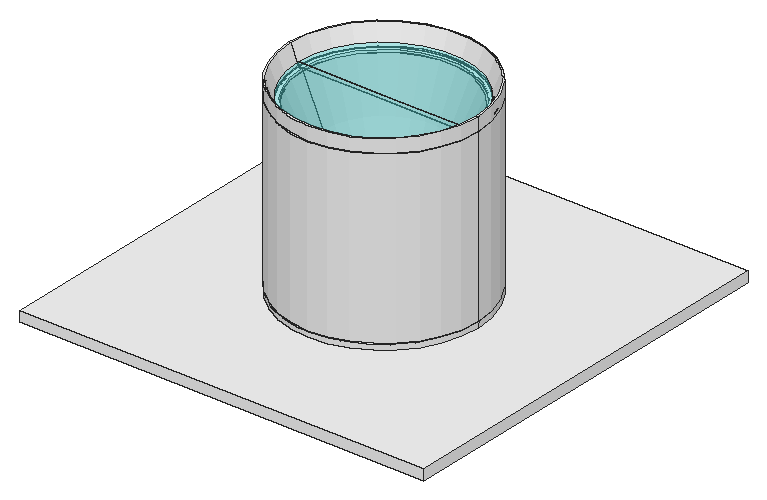
Revit family "BE_24423_de_DE", category Leuchten, Revit 2020
Family settings
  Basisbauteil = Fläche
  Bemaßung runder Anschluss = Durchmesser verwenden
  Teiletyp = Normal
  Beim Laden mit Abzugskörper schneiden = Ja
  Lichtquelle = Ja
  Gemeinsam genutzt = Nein
  Raumberechnungspunkt = Ja
Parameters (values of type "BEGA_24423_Weiß_K4")
  built-in parameter 1150104 = 13.843 (stored number, unit not read)
  Wattage = 17 W
  Default Elevation = 0 mm
  built-in parameter 1150113 = 1 (stored number, unit not read)
  built-in parameter 1114218 = 1 (stored number, unit not read)
  Umgebungstemperatur = "25 °C"
  URL = "https://www.bega.com/de/produkt/24423"
  Typenkommentare = "© 2022 BEGA. Wir behalten uns das Recht vor, technische Änderungen ohne vorherige Ankündigung vorzunehmen."  # constant formula
  Type Image = 24423.png
  built-in parameter 1150134 = 12
  built-in parameter 1150109 = 1 (stored number, unit not read)
  Strom = ""
  built-in parameter 1150110 = 1 (stored number, unit not read)
  Spannung = 239.996 V
  Sonderanfertigung = no
  Seriennummer [instance] = "Hier können Sie die eindeutige Seriennummer für das Facility Management eintragen."
  Schutzklasse = "I"
  Schutzart = "IP 65"
  Scheinlast = 0 VA
  Produktdatenblatt = "https://cdn.bega.com/bega/products/24423K3/current/documents/data-sheets/de"
  Oberflächentemperatur = ""
  Neigungswinkel = 0.00°
  Modell = "24423WK4"
  Material_17 = BEGA_Reflektor
  Material_15 = BEGA_Leuchtmedium_matt
  Material_11 = BEGA_Glas_opal
  Material_09 = BEGA_Glas_klar
  Material_06 = BEGA_Oberfläche_Edelstahl_gebürstet
  Material_03 = BEGA_Oberfläche_Weiss_matt
  Material_02 = BEGA_Oberfläche_Silber_matt
  Material_01 [instance] = BEGA_Oberfläche_Grafit_matt
  M_W = yes
  M_G = no
  M_A = no
  Logo = 0
  built-in parameter 1114217 = 1 (stored number, unit not read)
  built-in parameter 1150139 = (empty or 0)
  built-in parameter 1150105 = 201.57 (stored number, unit not read)
  built-in parameter 1150114 = 1 (stored number, unit not read)
  Lumens = 2533 lm
  built-in parameter 1150115 = 1 (stored number, unit not read)
  Leuchtenlichtstrom = "2549 lm"
  Leuchtenanzahl = ""
  Lebensdauerkriterien = "L70B50 @ 25 °C = 200000 h"
  Lastklassifizierung = Beleuchtung
  built-in parameter 1150112 = 1 (stored number, unit not read)
  Lampenlichtstrom = "3180 lm"
  Lampe = "LED 17.2 W"
  LED_Modulbezeichnung = "LED-0785/840"
  Hersteller = "BEGA"  # constant formula
  Halbstreuwinkel = ""
  Gewicht = "2.9 kg"
  Gebrauchslageneinschränkung [instance] = ""
  Frequenz = "0/50-60 Hz"
  Farbwiedergabeindex = "CRI > 80"
  Farbtemperaturverschiebung bei Dämpfen der Lampe = <Keine Auswahl>
  Farbtemperatur = "4000 K"
  Color Filter = 16777215
  built-in parameter 1150133 = 10 (stored number, unit not read)
  Energieeffizienzklasse = "LED A++ - A"
  built-in parameter 1150137 = (empty or 0)
  built-in parameter 1150132 = (empty or 0)
  ENEC = "ja"
  Dimmbar [instance] = "DALI"
  Datei für fotometrisches Netz = "BE_24423K4.IES"
  CE_Konformität = "ja"
  Bestellnummer = "24423WK4"
  Beschreibung_Sonderanfertigung = "Hier können Sie Informationen zur Sonderanfertigung eintragen."
  Beschreibung = "Deckenaufbau-Tiefstrahler"
  built-in parameter 1150106 = 2.0157 (stored number, unit not read)
  Befestigungsbohrung = "Ø 4,3 mm"
  Befestigungsabstand = "160 mm"
  Ballwurfsicher = ""
  BEGA_Intern_aus = yes
  BEGA_Intern_an = yes
  BEGA_Intern_Konstruktion = yes
  BEGA_Intern = yes
  BEGA_IES = yes
  BEGA_Dummy = no
  Anschlussleitung = ""
  Anschlussleistung [instance] = "18.8 W"
  Anschlusskasten = ""
  built-in parameter 1150107 = 4000 (stored number, unit not read)
  built-in parameter 1150102 = (empty or 0)
  built-in parameter 1150138 = (empty or 0)
  Aktualisierung = "2022-05-18T04:00:07"
  Abstand_zur_angestrahlten_Fläche [instance] = ""
  AC/DC = "AC/DC"
Types (4, lengths in mm): name | built-in parameter 1150104 | built-in parameter 1150134 | Modell | M_W | M_G | built-in parameter 1150105 | Lumens | Leuchtenlichtstrom | Lampenlichtstrom | LED_Modulbezeichnung | Farbtemperatur | Datei für fotometrisches Netz | Bestellnummer | built-in parameter 1150106 | built-in parameter 1150107
  BEGA_24423_Grafit_K3 | 13.471 (stored number, unit not read) | (empty or 0) | "24423K3" | no | yes | 196.16 (stored number, unit not read) | 2465 lm | "2485 lm" | "3100 lm" | "LED-0785/830" | "3000 K" | "BE_24423K3.IES" | "24423K3" | 1.9616 (stored number, unit not read) | 3000 (stored number, unit not read)
  BEGA_24423_Weiß_K4 | 13.843 (stored number, unit not read) | 12 | "24423WK4" | yes | no | 201.57 (stored number, unit not read) | 2533 lm | "2549 lm" | "3180 lm" | "LED-0785/840" | "4000 K" | "BE_24423K4.IES" | "24423WK4" | 2.0157 (stored number, unit not read) | 4000 (stored number, unit not read)
  BEGA_24423_Grafit_K4 | 13.843 (stored number, unit not read) | 12 | "24423K4" | no | yes | 201.57 (stored number, unit not read) | 2533 lm | "2549 lm" | "3180 lm" | "LED-0785/840" | "4000 K" | "BE_24423K4.IES" | "24423K4" | 2.0157 (stored number, unit not read) | 4000 (stored number, unit not read)
  BEGA_24423_Weiß_K3 | 13.471 (stored number, unit not read) | (empty or 0) | "24423WK3" | yes | no | 196.16 (stored number, unit not read) | 2465 lm | "2485 lm" | "3100 lm" | "LED-0785/830" | "3000 K" | "BE_24423K3.IES" | "24423WK3" | 1.9616 (stored number, unit not read) | 3000 (stored number, unit not read)
Reference planes
  plane 1 "Mitte (Vorne/Hinten)": y = 0
  plane 2: z = 0
  plane 3 "Mitte (Links/Rechts)": x = 0
  plane 4 "Links": x = -93.5
  plane 5 "Rechts": x = 93.5
  plane 6 "Unten": y = -93.5
  plane 7 "Oben": y = 93.5
  plane 8 "Vorne": z = 187.4
  plane 9 "Hinten": z = 0
Forms (mm)
  Extrusion 1, solid, material "BEGA_Platte_Weiss"
    sketch origin (0, -1119.2, 0) x (1, 0, 0) y (0, 1, 0)
      loop
        line (-200, 1319.2) -> (-200, 919.2) -> (200, 919.2) -> (200, 1319.2) -> (-200, 1319.2)
    from 0 to -10
  Extrusion 2, solid, material "BEGA_Dummy_matt", visible <- "BEGA_Dummy"
    sketch origin (77.149, -76.023, 0) x (1, 0, 0) y (0, 1, 0)
      loop
        circle (-77.149, 76.023) r 93.5
    from 0 to 187.4
Dimensions and locks
  plane 1 "Mitte (Vorne/Hinten)" to Extrusion 1 = 200 mm
  aligned and locked: plane 2 to Extrusion 1
  aligned and locked: level to Extrusion 1
Nested families
  nested 1: "BE_24423" at (0, 0, 0), type "BE_24423"
Connectors
  electrical at (0, 0, 0), driven by "Lastklassifizierung", driven by "Spannung", driven by "Scheinlast"
    settings: index 1, voltage 239.996 V, apparent load 0 VA, apparent load phase1 0 VA, apparent load phase2 0 VA, apparent load phase3 0 VA, power factor 1, load classification "Beleuchtung", number of poles 1, system type 31, power factor state 1, is connector primary yes, connector utility no, sub classification motor no, connector description ""
Definition of nested family "BE_24423"
  Parameters (values of type "BE_24423")
    Default Elevation = 1 mm
    URL = "http://www.bega.de/de/produkt"
    Type Comments = "© 2015 BEGA. Wir behalten uns das Recht vor, technische Änderungen ohne vorherige Ankündigung vorzunehmen. "  # constant formula
    Type Image = (empty or 0)
    Neigungswinkel_um_Z2 = 0.00°
    Neigungswinkel_um_Z1 = 0.00°
    Neigungswinkel_um_Y2 = 0.00°
    Neigungswinkel_um_Y1 = 0.00°
    Neigungswinkel_um_X2 = 0.00°
    Neigungswinkel_um_X1 = 0.00°
    Material_17 = none
    Material_15 = none
    Material_11 = none
    Material_09 = none
    Material_06 = none
    Material_03 = none
    Material_02 = none
    Material_01 = none
    M_W = yes
    M_G = yes
    M_A = yes
    Länge_Platte = 200 mm  # constant formula
    Höhe_Platte = -10 mm  # constant formula
    Manufacturer = "BEGA"  # constant formula
    Drehwinkel_um_Z2 = 0.00°
    Drehwinkel_um_Z1 = 0.00°
    Breite_Platte = 200 mm  # constant formula
  Reference planes
    plane 1 "Mitte (Oben/Unten)": y = 0
    plane 2: z = 0
    plane 3 "Mitte (Links/Rechts)": x = 0
    plane 4 "Hinten": z = -40
    plane 5: z = 187.4
    plane 6: x = -93.5
    plane 7: x = 93.5
    plane 8: y = 93.5
    plane 9: y = -93.5
  Forms (mm)
    Extrusion 1, solid, detail levels medium
      sketch origin (0, 0, 0) x (1, 0, 0) y (0, 1, 0)
        loop
          line (-100, 100) -> (-100, -100) -> (100, -100) -> (100, 100) -> (-100, 100)
      from 0 to -10 <- "Höhe_Platte"
    Revolve 2, solid, material <- "Material_09"
      sketch origin (0, 0, 0) x (1, 0, 0) y (0, 0, 1)
        loop
          line (-84.5, 173) -> (-84.5, 168.9) -> (0, 168.9) -> (0, 173) -> (-84.5, 173)
        axis (0, 168.9) -> (0, 173)
      angle from 0 to 360
    Revolve 3, solid, material <- "Material_17"
      sketch origin (0, 0, 0) x (1, 0, 0) y (0, 0, 1)
        loop
          line (-85, 164.6) -> (-81.237, 164.6)
          arc (-81.237, 164.6) -> (-61.141, 119.72) -> (-36.386, 77.232) r 461.8
          arc (-36.386, 77.232) -> (-35.852, 76.767) -> (-35.163, 76.6) r 1.5
          line (-35.163, 76.6) -> (-32, 76.6) -> (-32, 77.9)
          arc (-32, 77.9) -> (-32.146, 78.254) -> (-32.5, 78.4) r 0.5
          line (-32.5, 78.4) -> (-34.992, 78.4)
          arc (-34.992, 78.4) -> (-59.857, 121.192) -> (-79.999, 166.4) r 461.8
          line (-79.999, 166.4) -> (-84.937, 166.4) -> (-85, 164.6)
        axis (0, 166.4) -> (0, 76.6)
      angle from 0 to 360
    Revolve 4, solid, material <- "Material_01", visible <- "M_G"
      sketch origin (0, 0, 0) x (1, 0, 0) y (0, 0, 1)
        loop
          line (-93.5, 174.417) -> (-91.384, 174.194) -> (-89.5, 170.668) -> (-90.5, 170.091) -> (-90.5, 161.55) -> (-88.578, 160.9) -> (-87.309, 160.9) -> (-84.937, 166.4) -> (-81.087, 166.4) -> (-81.017, 168.4) -> (-84.965, 168.4) -> (-85, 169.4) -> (-92, 187.4) -> (-93.5, 187.4) -> (-93.5, 174.417)
        axis (0, 187.4) -> (0, 160.9)
      angle from 0 to 360
    Revolve 5, solid, material <- "Material_01", visible <- "M_G"
      sketch origin (0, 0, 0) x (1, 0, 0) y (0, 0, 1)
        loop
          line (-93.5, 173.4) -> (-93.5, 6) -> (-92.592, 6) -> (-91.5, 9) -> (-91.5, 25) -> (-83.5, 25) -> (-81.974, 68.7) -> (0, 68.7) -> (0, 73.7) -> (-80.682, 73.7) -> (-83.5, 154.398) -> (-91.5, 154.398) -> (-91.5, 170.4) -> (-92.592, 173.4) -> (-93.5, 173.4)
        axis (0, 173.4) -> (0, 6)
      angle from 0 to 360
    Revolve 6, solid, material <- "Material_01", visible <- "M_G"
      sketch origin (0, 0, 0) x (1, 0, 0) y (0, 0, 1)
        loop
          line (-83.843, 23) -> (-90.5, 23) -> (-90.5, 5.299) -> (-93.5, 4.983) -> (-93.5, 0) -> (-87.198, 0) -> (-86.5, 20) -> (-80, 20) -> (0, 20) -> (0, 23) -> (-83.843, 23)
        axis (0, 23) -> (0, 0)
      angle from 0 to 360
    Revolve 7, solid, material <- "Material_15"
      sketch origin (0, 0, 0) x (1, 0, 0) y (0, 0, 1)
        loop
          line (-25, 73.7) -> (0, 73.7) -> (0, 75.25) -> (-25, 75.25) -> (-25, 73.7)
        axis (0, 73.7) -> (0, 75.25)
      angle from 0 to 360
    Extrusion 8, solid, material <- "Material_01", visible <- "M_G"
      sketch origin (0, 0, 0) x (1, 0, 0) y (0, 1, 0)
        loop
          circle (0, -80) r 6.414
        loop
          circle (0, 80) r 6.414
        loop
          circle (0, 80) r 2.233
        loop
          circle (0, -80) r 2.233
      from 0 to 23
    Revolve 9, solid, material <- "Material_03", visible <- "M_W"
      sketch origin (0, 0, 0) x (1, 0, 0) y (0, 0, 1)
        loop
          line (-93.5, 174.417) -> (-91.384, 174.194) -> (-89.5, 170.668) -> (-90.5, 170.091) -> (-90.5, 161.55) -> (-88.578, 160.9) -> (-87.309, 160.9) -> (-84.937, 166.4) -> (-81.087, 166.4) -> (-81.017, 168.4) -> (-84.965, 168.4) -> (-85, 169.4) -> (-92, 187.4) -> (-93.5, 187.4) -> (-93.5, 174.417)
        axis (0, 187.4) -> (0, 160.9)
      angle from 0 to 360
    Revolve 10, solid, material <- "Material_03", visible <- "M_W"
      sketch origin (0, 0, 0) x (1, 0, 0) y (0, 0, 1)
        loop
          line (-93.5, 173.4) -> (-93.5, 6) -> (-92.592, 6) -> (-91.5, 9) -> (-91.5, 25) -> (-83.5, 25) -> (-81.974, 68.7) -> (0, 68.7) -> (0, 73.7) -> (-80.682, 73.7) -> (-83.5, 154.398) -> (-91.5, 154.398) -> (-91.5, 170.4) -> (-92.592, 173.4) -> (-93.5, 173.4)
        axis (0, 173.4) -> (0, 6)
      angle from 0 to 360
    Revolve 11, solid, material <- "Material_03", visible <- "M_W"
      sketch origin (0, 0, 0) x (1, 0, 0) y (0, 0, 1)
        loop
          line (-83.843, 23) -> (-90.5, 23) -> (-90.5, 5.299) -> (-93.5, 4.983) -> (-93.5, 0) -> (-87.198, 0) -> (-86.5, 20) -> (-80, 20) -> (0, 20) -> (0, 23) -> (-83.843, 23)
        axis (0, 23) -> (0, 0)
      angle from 0 to 360
    Extrusion 12, solid, material <- "Material_03", visible <- "M_W"
      sketch origin (0, 0, 0) x (1, 0, 0) y (0, 1, 0)
        loop
          circle (0, -80) r 6.414
        loop
          circle (0, 80) r 6.414
        loop
          circle (0, 80) r 2.233
        loop
          circle (0, -80) r 2.233
      from 0 to 23
    Extrusion 13, void
      sketch origin (0, 0, 0) x (1, 0, 0) y (0, 1, 0)
        loop
          circle (-65, -20) r 7.197
        loop
          circle (-65, 20) r 7.197
      from 0 to 28.487
  Cuts and joins
    Extrusion 13 cuts Revolve 6
    Extrusion 13 cuts Extrusion 8
    joined: Revolve 6, Extrusion 8
    Extrusion 13 cuts Revolve 11
    Extrusion 13 cuts Extrusion 12
    joined: Revolve 11, Extrusion 12
    Extrusion 13 cuts Revolve 2
    Extrusion 13 cuts Revolve 3
    Extrusion 13 cuts Revolve 5
    Extrusion 13 cuts Revolve 10
  Dimensions and locks
    equal spacing: Extrusion 1 sketch curve, plane 3 "Mitte (Links/Rechts)", Extrusion 1 sketch curve
    equal spacing: Extrusion 1 sketch curve, plane 1 "Mitte (Oben/Unten)", Extrusion 1 sketch curve
    "Länge_Platte": Extrusion 1 sketch curve to Extrusion 1 sketch curve
    "Breite_Platte": Extrusion 1 sketch curve to Extrusion 1 sketch curve
    aligned and locked: plane 2 to Extrusion 1
    aligned and locked: level to Extrusion 1
  Automatic sketch dimensions
    Revolve 2 sketch curve to plane 3 "Mitte (Links/Rechts)" = 0 mm  (x2)
    Revolve 2 sketch curve to Revolve 2 sketch curve = 84.5 mm
    Revolve 2 sketch curve to Revolve 2 sketch curve = 4.1 mm
    Revolve 2 sketch curve to Revolve 2 sketch curve = 7.629 mm
    Revolve 2 sketch curve to Revolve 2 sketch curve = 3.343 mm
    Revolve 3 sketch curve to plane 3 "Mitte (Links/Rechts)" = 0 mm
    Revolve 3 sketch curve to plane 3 "Mitte (Links/Rechts)" = 32 mm
    Revolve 3 sketch curve to Revolve 3 sketch curve = 0.5 mm
    Revolve 3 sketch curve to Revolve 3 sketch curve = 2.492 mm
    Revolve 3 sketch curve to Revolve 3 sketch curve = 0.171 mm
    Revolve 3 sketch curve to plane 3 "Mitte (Links/Rechts)" = 79.999 mm
    Revolve 3 sketch curve to Revolve 3 sketch curve = 1.238 mm
    Revolve 3 sketch curve to Revolve 3 sketch curve = 3.7 mm
    Revolve 3 sketch curve to Revolve 3 sketch curve = 0.063 mm
    level to Revolve 3 sketch curve = 78.4 mm
    Revolve 3 sketch curve to Revolve 3 sketch curve = 0.3 mm
    Revolve 3 sketch curve to Revolve 3 sketch curve = 1.3 mm
    plane 3 "Mitte (Links/Rechts)" to Revolve 3 sketch curve = 349.688 mm
    Revolve 3 sketch curve to Revolve 3 sketch curve = 1.603 mm
    Revolve 4 sketch curve to plane 3 "Mitte (Links/Rechts)" = 0 mm
    Revolve 4 sketch curve to plane 3 "Mitte (Links/Rechts)" = 81.017 mm
    Revolve 4 sketch curve to Revolve 4 sketch curve = 0.07 mm
    Revolve 4 sketch curve to Revolve 4 sketch curve = 3.85 mm
    Revolve 4 sketch curve to Revolve 4 sketch curve = 0.028 mm
    Revolve 4 sketch curve to Revolve 4 sketch curve = 0.035 mm
    Revolve 4 sketch curve to Revolve 4 sketch curve = 2.371 mm
    Revolve 4 sketch curve to Revolve 4 sketch curve = 1.27 mm
    Revolve 4 sketch curve to Revolve 4 sketch curve = 4.5 mm
    Revolve 4 sketch curve to Revolve 4 sketch curve = 1 mm  (x2)
    Revolve 4 sketch curve to Revolve 4 sketch curve = 1.884 mm
    Revolve 4 sketch curve to Revolve 4 sketch curve = 0.616 mm
    Revolve 4 sketch curve to Revolve 4 sketch curve = 2.116 mm
    Revolve 4 sketch curve to Revolve 4 sketch curve = 0.65 mm
    Revolve 4 sketch curve to Revolve 4 sketch curve = 0.222 mm
    Revolve 5 sketch curve to plane 3 "Mitte (Links/Rechts)" = 0 mm  (x2)
    Revolve 5 sketch curve to plane 3 "Mitte (Links/Rechts)" = 80.682 mm
    Revolve 5 sketch curve to Revolve 5 sketch curve = 1.292 mm
    Revolve 5 sketch curve to Revolve 5 sketch curve = 2.818 mm
    level to Revolve 5 sketch curve = 25 mm
    Revolve 5 sketch curve to Revolve 5 sketch curve = 1.526 mm
    Revolve 5 sketch curve to Revolve 5 sketch curve = 8 mm  (x2)
    Revolve 5 sketch curve to Revolve 5 sketch curve = 1.092 mm  (x2)
    level to Revolve 5 sketch curve = 6 mm
    Revolve 5 sketch curve to Revolve 5 sketch curve = 0.908 mm
    Revolve 5 sketch curve to Revolve 5 sketch curve = 3 mm  (x2)
    level to Revolve 5 sketch curve = 68.7 mm
    Revolve 5 sketch curve to Revolve 5 sketch curve = 5 mm
    Revolve 5 sketch curve to Revolve 5 sketch curve = 16.002 mm
    Revolve 5 sketch curve to Revolve 5 sketch curve = 40.698 mm
    Revolve 5 sketch curve to Revolve 5 sketch curve = 25 mm
    Revolve 7 sketch curve to plane 3 "Mitte (Links/Rechts)" = 0 mm  (x2)
    Revolve 7 sketch curve to Revolve 7 sketch curve = 25 mm
    Revolve 7 sketch curve to Revolve 7 sketch curve = 0 mm
    level to Revolve 7 sketch curve = 73.7 mm
    Revolve 7 sketch curve to Revolve 7 sketch curve = 1.55 mm
    Revolve 7 sketch curve to Revolve 7 sketch curve = 20 mm
    Revolve 7 sketch curve to Revolve 7 sketch curve = 5.439 mm
    Revolve 6 sketch curve to level = 0 mm
    Revolve 6 sketch curve to plane 3 "Mitte (Links/Rechts)" = 0 mm  (x2)
    level to Revolve 6 sketch curve = 23 mm
    Revolve 6 sketch curve to Revolve 6 sketch curve = 83.843 mm
    Revolve 6 sketch curve to Revolve 6 sketch curve = 2.657 mm
    Revolve 6 sketch curve to Revolve 6 sketch curve = 0.698 mm
    Revolve 6 sketch curve to Revolve 6 sketch curve = 4 mm
    Revolve 6 sketch curve to Revolve 6 sketch curve = 3 mm  (x2)
    Revolve 6 sketch curve to Revolve 6 sketch curve = 4.983 mm
    Revolve 6 sketch curve to Revolve 6 sketch curve = 0.315 mm
    Revolve 6 sketch curve to Revolve 6 sketch curve = 3.843 mm
    Revolve 6 sketch curve to Revolve 6 sketch curve = 17.175 mm
    Revolve 6 sketch curve to Revolve 6 sketch curve = 5 mm
    Revolve 9 sketch curve to plane 3 "Mitte (Links/Rechts)" = 0 mm
    Revolve 9 sketch curve to plane 3 "Mitte (Links/Rechts)" = 81.017 mm
    Revolve 9 sketch curve to Revolve 9 sketch curve = 0.07 mm
    Revolve 9 sketch curve to Revolve 9 sketch curve = 3.85 mm
    Revolve 9 sketch curve to Revolve 9 sketch curve = 0.028 mm
    Revolve 9 sketch curve to Revolve 9 sketch curve = 0.035 mm
    Revolve 9 sketch curve to Revolve 9 sketch curve = 2.371 mm
    Revolve 9 sketch curve to Revolve 9 sketch curve = 1.27 mm
    Revolve 9 sketch curve to Revolve 9 sketch curve = 4.5 mm
    Revolve 9 sketch curve to Revolve 9 sketch curve = 1 mm  (x2)
    Revolve 9 sketch curve to Revolve 9 sketch curve = 1.884 mm
    Revolve 9 sketch curve to Revolve 9 sketch curve = 0.616 mm
    Revolve 9 sketch curve to Revolve 9 sketch curve = 2.116 mm
    Revolve 9 sketch curve to Revolve 9 sketch curve = 0.65 mm
    Revolve 9 sketch curve to Revolve 9 sketch curve = 0.222 mm
    Revolve 10 sketch curve to plane 3 "Mitte (Links/Rechts)" = 0 mm  (x2)
    Revolve 10 sketch curve to plane 3 "Mitte (Links/Rechts)" = 80.682 mm
    Revolve 10 sketch curve to Revolve 10 sketch curve = 1.292 mm
    Revolve 10 sketch curve to Revolve 10 sketch curve = 2.818 mm
    level to Revolve 10 sketch curve = 25 mm
    Revolve 10 sketch curve to Revolve 10 sketch curve = 1.526 mm
    Revolve 10 sketch curve to Revolve 10 sketch curve = 8 mm  (x2)
    Revolve 10 sketch curve to Revolve 10 sketch curve = 1.092 mm  (x2)
    level to Revolve 10 sketch curve = 6 mm
    Revolve 10 sketch curve to Revolve 10 sketch curve = 0.908 mm
    Revolve 10 sketch curve to Revolve 10 sketch curve = 3 mm  (x2)
    level to Revolve 10 sketch curve = 68.7 mm
    Revolve 10 sketch curve to Revolve 10 sketch curve = 5 mm
    Revolve 10 sketch curve to Revolve 10 sketch curve = 16.002 mm
    Revolve 10 sketch curve to Revolve 10 sketch curve = 40.698 mm
    Revolve 10 sketch curve to Revolve 10 sketch curve = 25 mm
    Revolve 11 sketch curve to level = 0 mm
    Revolve 11 sketch curve to plane 3 "Mitte (Links/Rechts)" = 0 mm  (x2)
    level to Revolve 11 sketch curve = 20 mm
    Revolve 11 sketch curve to Revolve 11 sketch curve = 80 mm
    Revolve 11 sketch curve to Revolve 11 sketch curve = 3.843 mm
    Revolve 11 sketch curve to Revolve 11 sketch curve = 2.657 mm
    Revolve 11 sketch curve to Revolve 11 sketch curve = 0.698 mm
    Revolve 11 sketch curve to Revolve 11 sketch curve = 4 mm
    Revolve 11 sketch curve to Revolve 11 sketch curve = 3 mm  (x2)
    Revolve 11 sketch curve to Revolve 11 sketch curve = 4.983 mm
    Revolve 11 sketch curve to Revolve 11 sketch curve = 0.315 mm
    Revolve 11 sketch curve to Revolve 11 sketch curve = 17.175 mm
    Revolve 11 sketch curve to Revolve 11 sketch curve = 5 mm
    Extrusion 12 sketch curve to Extrusion 12 sketch curve = 0 mm  (x4)
    Extrusion 12 sketch curve to plane 3 "Mitte (Links/Rechts)" = 0 mm  (x2)
    plane 1 "Mitte (Oben/Unten)" to Extrusion 12 sketch curve = 80 mm
    Extrusion 12 sketch curve to plane 1 "Mitte (Oben/Unten)" = 80 mm
    level to Revolve 2 sketch curve = 168.9 mm
    Revolve 3 sketch curve to Revolve 3 sketch curve = 86.2 mm
    Revolve 3 sketch curve to Revolve 3 sketch curve = 1.8 mm
    Revolve 3 sketch curve to Revolve 3 sketch curve = 0.85 mm
    Revolve 3 sketch curve to Revolve 3 sketch curve = 66.193 mm
    Revolve 3 sketch curve to Revolve 3 sketch curve = 36.807 mm
    level to Revolve 4 sketch curve = 160.9 mm
    Revolve 4 sketch curve to Revolve 4 sketch curve = 5.5 mm
    Revolve 4 sketch curve to Revolve 4 sketch curve = 2 mm
    Revolve 4 sketch curve to Revolve 4 sketch curve = 0.691 mm
    Revolve 4 sketch curve to Revolve 4 sketch curve = 0.577 mm
    Revolve 4 sketch curve to Revolve 4 sketch curve = 3.526 mm
    Revolve 4 sketch curve to Revolve 4 sketch curve = 12.983 mm
    Revolve 4 sketch curve to Revolve 4 sketch curve = 4.6 mm
    Revolve 4 sketch curve to Revolve 4 sketch curve = 14.4 mm
    Revolve 5 sketch curve to Revolve 5 sketch curve = 80.698 mm
    level to Revolve 9 sketch curve = 160.9 mm
    Revolve 9 sketch curve to Revolve 9 sketch curve = 5.5 mm
    Revolve 9 sketch curve to Revolve 9 sketch curve = 2 mm
    Revolve 9 sketch curve to Revolve 9 sketch curve = 0.691 mm
    Revolve 9 sketch curve to Revolve 9 sketch curve = 0.577 mm
    Revolve 9 sketch curve to Revolve 9 sketch curve = 3.526 mm
    Revolve 9 sketch curve to Revolve 9 sketch curve = 12.983 mm
    Revolve 9 sketch curve to Revolve 9 sketch curve = 4.6 mm
    Revolve 9 sketch curve to Revolve 9 sketch curve = 14.4 mm
    Revolve 10 sketch curve to Revolve 10 sketch curve = 80.698 mm
    radius of Extrusion 12 sketch curve = 6.414 mm  (x2)
    radius of Extrusion 12 sketch curve = 2.233 mm  (x2)
